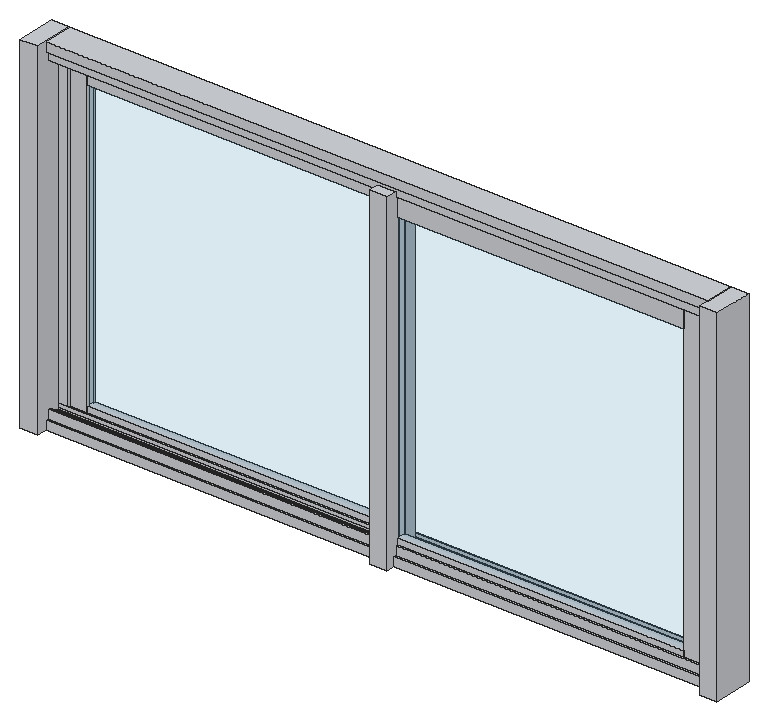
Revit family "Altitude® Sliding Window_SG&DG-XO_OX", category Windows, host Wall, Revit 2021
Family settings
  Host = Wall
  OmniClass Number = 23.30.20.00
  OmniClass Title = Windows
  Always vertical = Yes
  Cut with Voids When Loaded = No
  Shared = No
  Room Calculation Point = No
Parameters (values of type "OX/XO")
  YEAR = "2022"  # constant formula
  Width = 0.0000 mm  # constant formula
  URL = "https://www.alspec.com.au/hawkesbury-commercial-multi-fold-door"
  Thickness = 0.0000 mm  # constant formula
  Single Glazed Thickness (6-13.5mm) [instance] = 5.0000 mm
  Single Glazed [instance] = not(Double Glazed)  # no
  Sill Offset 2 [instance] = 15.9930 mm  # constant formula
  Sill Offset [instance] = 6.0000 mm  # constant formula
  Sash Material [instance] = none
  Rough Width = 0.0000 mm  # constant formula
  Rough Height = 0.0000 mm  # constant formula
  Overall Width [instance] = 1800.0000 mm
  Offset [instance] = 0.0000 mm
  Midrail height [instance] = 1220.0000 mm
  Midrail [instance] = no
  Meeting 1 = 45.0000 mm  # constant formula
  Overall Height [instance] = 900.0000 mm
  Model = "Altitude® Sliding Window_SG&DG-XO_OX"  # constant formula
  Manufacturer = "ALSPEC"
  Height = 0.0000 mm  # constant formula
  Head Offset 2 [instance] = 84.8025 mm  # constant formula
  Head Offset [instance] = 75.0000 mm  # constant formula
  Glazed Material [instance] = Glass
  Frame Material [instance] = none
  External Frame Thk = 44.5000 mm  # constant formula
  Double Glazed Thickness [instance] = 18.0000 mm
  Double Glazed [instance] = yes
  Define Thermal Properties by = Schematic Type
  Default Sill Height = 1200.0000 mm
  Wall Closure = By host
  CREATOR = "Viraj Mhatre"  # constant formula
  COMPANY = "ALSPEC"  # constant formula
  Analytic Construction = "<None>"
  Air Pocket (Double Glazing Only) [instance] = 8.0000 mm  # constant formula
  XO [instance] = no
  OX [instance] = no
Reference planes
  plane 1 "Center (Front/Back)": y = 0
  plane 2 "Center (Left/Right)": x = 0
  plane 3 "Left": x = -855.5
  plane 4 "Right": x = 855.5
  plane 5 "Sill": z = 1200
  plane 6 "Head": z = 2100
  plane 7 "Exterior": y = 100
  plane 8 "Interior": y = -100
  plane 9: y = 62
  plane 10: z = 35.5
  plane 11: y = 14
  plane 12 "FRAME CENTRE": y = 42
  plane 13: y = 82.6
  plane 14: x = -855.5
  plane 15: x = 855.5
  plane 16: x = 855.5
  plane 17: x = 20.5
  plane 18: x = -900
  plane 19: x = 900
  plane 20: z = 2064.5
  plane 21: z = 2054
  plane 22: z = 935.5
  plane 23: z = 516.113
  plane 24: x = -2
  plane 25: x = 43
  plane 26: z = 1220
  plane 27: x = -428.75
  plane 28: x = 449.25
  plane 29: y = 152
  plane 30: z = 1494.75
  plane 31: y = 49.2
  plane 32: y = -860
  plane 33: x = -865.5
  plane 34: x = 865.5
  plane 35: y = 100
Forms (mm)
  Extrusion 1, solid, material <- "Frame Material"
    sketch origin (0, 0, 0) x (1, 0, 0) y (0, 1, 0)
      loop
        line (855.5, -1.6) -> (900, -1.6) -> (900, 100) -> (855.5, 100) -> (855.5, -1.6)
      loop
        line (-855.5, 100) -> (-900, 100) -> (-900, -1.6) -> (-855.5, -1.6) -> (-855.5, 100)
    from 1200 to 2100
  Extrusion 2, solid, material <- "Frame Material"
    sketch origin (-855.5, 0, 0) x (0, -1, 0) y (0, 0, 1)
      loop
        line (-100, 2100) -> (-100, 2054) -> (-96.6, 2054) -> (-96.6, 2062) -> (-98.2, 2062) -> (-98.2, 2073) -> (-96.1, 2073) -> (-96.1, 2077) -> (-66.7, 2077) -> (-66.7, 2062) -> (-68.6, 2062) -> (-68.6, 2054) -> (-63.2, 2054) -> (-63.2, 2062) -> (-65.1, 2062) -> (-65.1, 2077) -> (-35.7, 2077) -> (-35.7, 2073) -> (-33.6, 2073) -> (-33.6, 2062) -> (-35.2, 2062) -> (-35.2, 2054) -> (-31.8, 2054) -> (-31.8, 2077) -> (-24, 2077) -> (-24, 2100) -> (-100, 2100)
      loop
        line (-48.2, 1233.26) -> (-46.7, 1233.26) -> (-46.7, 1238.3) -> (-51.7, 1238.3) -> (-51.7, 1233.26) -> (-50.2, 1233.26) -> (-50.2, 1232.3) -> (-61.2, 1232.3) -> (-61.2, 1230.8) -> (-50.2, 1230.8) -> (-50.2, 1223) -> (-65.1, 1223) -> (-65.1, 1238) -> (-63.2, 1238) -> (-63.2, 1246) -> (-68.6, 1246) -> (-68.6, 1238) -> (-66.7, 1238) -> (-66.7, 1223) -> (-96.1, 1223) -> (-96.1, 1227) -> (-98.2, 1227) -> (-98.2, 1238) -> (-96.6, 1238) -> (-96.6, 1246) -> (-100, 1246) -> (-100, 1200) -> (-24, 1200) -> (-24, 1223) -> (-31.8, 1223) -> (-31.8, 1246) -> (-35.2, 1246) -> (-35.2, 1238) -> (-33.6, 1238) -> (-33.6, 1227) -> (-35.7, 1227) -> (-35.7, 1224.5) -> (-48.2, 1224.5) -> (-48.2, 1233.26)
    from -1711 to 0
Lines and regions (mm)
  Opening 1
    outline origin (3600, -100, 75) x (1, 0, 0) y (0, 0, 1)
      loop
        line (-2700, 1125) -> (-2700, 2025) -> (-4500, 2025) -> (-4500, 1125) -> (-2700, 1125)
  Masking region 1
    outline origin (0, 0, 0) x (1, 0, 0) y (0, 1, 0)
      loop
        line (855.5, 100) -> (855.5, -1.6) -> (900, -1.6) -> (900, 100) -> (855.5, 100)
      loop
        line (-900, -1.6) -> (-855.5, -1.6) -> (-855.5, 100) -> (-900, 100) -> (-900, -1.6)
  Masking region 2
    outline origin (-855.5, 0, 0) x (0, -1, 0) y (0, 0, 1)
      loop
        line (-100, 2100) -> (-100, 2054) -> (-96.6, 2054) -> (-96.6, 2062) -> (-98.2, 2062) -> (-98.2, 2073) -> (-96.1, 2073) -> (-96.1, 2077) -> (-66.7, 2077) -> (-66.7, 2062) -> (-68.6, 2062) -> (-68.6, 2054) -> (-63.2, 2054) -> (-63.2, 2062) -> (-65.1, 2062) -> (-65.1, 2077) -> (-35.7, 2077) -> (-35.7, 2073) -> (-33.6, 2073) -> (-33.6, 2062) -> (-35.2, 2062) -> (-35.2, 2054) -> (-31.8, 2054) -> (-31.8, 2077) -> (-24, 2077) -> (-24, 2100) -> (-100, 2100)
      loop
        line (-24, 1200) -> (-24, 1223) -> (-31.8, 1223) -> (-31.8, 1246) -> (-35.2, 1246) -> (-35.2, 1238) -> (-33.6, 1238) -> (-33.6, 1227) -> (-35.7, 1227) -> (-35.7, 1224.5) -> (-48.2, 1224.5) -> (-48.2, 1233.26) -> (-46.7, 1233.26) -> (-46.7, 1238.3) -> (-51.7, 1238.3) -> (-51.7, 1233.26) -> (-50.2, 1233.26) -> (-50.2, 1232.3) -> (-61.2, 1232.3) -> (-61.2, 1230.8) -> (-50.2, 1230.8) -> (-50.2, 1223) -> (-65.1, 1223) -> (-65.1, 1238) -> (-63.2, 1238) -> (-63.2, 1246) -> (-68.6, 1246) -> (-68.6, 1238) -> (-66.7, 1238) -> (-66.7, 1223) -> (-96.1, 1223) -> (-96.1, 1227) -> (-98.2, 1227) -> (-98.2, 1238) -> (-96.6, 1238) -> (-96.6, 1246) -> (-100, 1246) -> (-100, 1200) -> (-24, 1200)
Text (mm)
  text "EXTERIOR" at (-1886.484, -724.686, 0), in view "Ref. Level"
  text "INTERIOR" at (-1963.203, 1176.318, 0), in view "Ref. Level"
  text "Exterior" at (0, 923.751, 2943.296), in view "Right"
  text "Exterior" at (0, 1040.484, 2685.409), in view "Left"
Dimensions and locks
  "Overall Height": plane 5 "Sill" to plane 6 "Head"
  plane 5 "Sill" to plane 10 = 1164.5000 mm
  locked: plane 7 "Exterior" to host wall
  locked: plane 8 "Interior" to host wall
  "Offset": plane 35 to plane 7 "Exterior"
  "External Frame Thk": plane 4 "Right" to plane 19
  "Overall Width": plane 18 to plane 19
  equal spacing: plane 24, plane 17, plane 25
  "Meeting 1": plane 24 to plane 25
  "Midrail height": plane 26 to level
  locked: plane 29 to plane 9 at 90
  equal spacing: plane 24, plane 27, plane 14
  equal spacing: plane 16, plane 28, plane 25
  plane 18 to plane 17 to plane 19 = 920.5000 mm, 879.5000 mm
  equal spacing: plane 14, plane 2 "Center (Left/Right)", plane 16
  "External Frame Thk": plane 18 to plane 14
  locked: plane 33 to plane 14 at 10
  locked: plane 16 to plane 34 at 10
  locked: plane 20 to plane 6 "Head" at 35.5
  locked: plane 20 to plane 21 at 10.5
  locked: plane 10 to level at 35.5
  locked: plane 22 to plane 10 at 900
  locked: plane 9 to plane 35 at 38
  plane 13 to plane 9 to plane 31 = 20.6000 mm locked, 12.7997 mm locked
  equal spacing: plane 21, plane 30, plane 22
  "Default Sill Height": plane 5 "Sill" to level
  aligned and locked: Opening 1 sketch curve to plane 6 "Head"
  aligned and locked: plane 14 to plane 3 "Left"
  aligned and locked: plane 15 to plane 4 "Right"
  aligned and locked: plane 18 to Opening 1 sketch curve
  aligned and locked: plane 19 to Opening 1 sketch curve
  aligned and locked: Opening 1 sketch curve to plane 5 "Sill"
  aligned and locked: host wall to level
  aligned and locked: nested 1 to plane 29
  aligned and locked: plane 27 to nested 1
  aligned and locked: plane 28 to nested 2
  aligned and locked: plane 27 to nested 3
  aligned and locked: nested 4 to plane 28
  aligned and locked: nested 3 to plane 30
  aligned and locked: plane 30 to nested 4
  aligned and locked: plane 29 to nested 2
  aligned and locked: plane 16 to plane 4 "Right"
  aligned and locked: Extrusion 1 to plane 6 "Head"
  aligned and locked: nested 6 to plane 13
  aligned and locked: plane 6 "Head" to nested 5
  aligned and locked: nested 5 to plane 13
  aligned and locked: Masking region 2 sketch curve to nested 5  (x23)
  aligned and locked: nested 5 to Masking region 2 sketch curve
  aligned and locked: Masking region 2 sketch curve to nested 6  (x38)
  aligned and locked: Extrusion 2 sketch curve to nested 5  (x23)
  aligned and locked: nested 5 to Extrusion 2 sketch curve
  aligned and locked: Extrusion 2 sketch curve to nested 6  (x37)
  aligned and locked: plane 3 "Left" to Extrusion 2
  aligned and locked: Extrusion 2 to plane 4 "Right"
  aligned and locked: plane 14 to nested 7
  aligned and locked: plane 25 to nested 7
  aligned and locked: nested 8 to plane 24
  aligned and locked: nested 8 to plane 16
  aligned and locked: plane 20 to nested 8
  aligned and locked: plane 20 to nested 7
  aligned and locked: nested 7 to plane 13
  aligned and locked: plane 31 to nested 8
  aligned and locked: nested 9 to plane 24
  aligned and locked: nested 9 to plane 16
  aligned and locked: plane 25 to nested 10
  aligned and locked: plane 14 to nested 10
  aligned and locked: plane 20 to nested 9
  aligned and locked: plane 20 to nested 10
  aligned and locked: nested 10 to plane 13
  aligned and locked: plane 31 to nested 9
  aligned and locked: nested 11 to plane 31
  aligned and locked: plane 14 to nested 11
  aligned and locked: plane 31 to nested 12
  aligned and locked: plane 16 to nested 12
  aligned and locked: Masking region 1 sketch curve to nested 12  (x4)
  aligned and locked: Masking region 1 sketch curve to nested 11  (x4)
  aligned and locked: Extrusion 1 sketch curve to Masking region 1  (x3)
  aligned and locked: Extrusion 1 sketch curve to nested 12
  aligned and locked: Extrusion 1 sketch curve to nested 11  (x4)
  aligned and locked: plane 5 "Sill" to Extrusion 1
  aligned and locked: nested 6 to plane 5 "Sill"
  aligned and locked: nested 9 to plane 5 "Sill"
  aligned and locked: nested 8 to plane 5 "Sill"
  aligned and locked: nested 7 to plane 5 "Sill"
  aligned and locked: nested 10 to plane 5 "Sill"
Automatic sketch dimensions
  Masking region 2 sketch curve to Masking region 2 sketch curve = 2.1000 mm  (x2)
  Extrusion 2 sketch curve to Extrusion 2 sketch curve = 2.1000 mm  (x2)
  Extrusion 2 sketch curve to Extrusion 2 sketch curve = 0.0000 mm
Nested families
  nested 1: "DETAIL_ARROW2" at (-428.75, 152, 0), visible <- "XO", type "DETAIL_ARROW2"
  nested 2: "DETAIL_ARROW2" at (449.25, 152, 0) x (-1, 0, 0) z (0, 0, 1), visible <- "OX", type "DETAIL_ARROW2"
  nested 3: "DETAIL_ARROW" at (-428.75, -100, 1494.75) x (1, 0, 0) z (0, -1, 0), visible <- "XO", type "DETAIL_ARROW"
  nested 4: "DETAIL_ARROW" at (449.25, -100, 1494.75) x (-1, 0, 0) z (0, -1, 0), visible <- "OX", type "DETAIL_ARROW"
  nested 5: "Ext Head_APT5" at (-855.5, 100, 2064.5) x (0, 1, 0) z (-1, 0, 0), type "Ext Head_APT5", detail levels fine
  nested 6: "Ext Sill_ APT1S AS554 APT29 APT5" at (-855.5, 24, 1200) x (0, 1, 0) z (-1, 0, 0), type "Ext Sill_ APT1S AS554 APT29 APT5", detail levels fine
  nested 7: "panel 1 APT42 APT9 APT10" at (-406.25, 82.6, 1200), visible <- "Single Glazed", Midrail Height <- "Midrail height", Single Glazing Thickness <- "Single Glazed Thickness (6-13.5mm)", Glazing Material <- "Glazed Material", Midrail <- "Midrail", Sash Material <- "Sash Material", type "SLIDING_GLAZED PANEL"
    with Single Glazing Thickness 5.0000 mm, Sash Width 898.5000 mm, Sash Material none, Sash Height 864.5000 mm, Midrail Height 1220.0000 mm, Midrail no, Glazing Material Glass, Actual SG Thickness (Manufacturer Controlled) 6.0000 mm
  nested 8: "panel 1 APT42 APT9 APT11" at (426.75, 49.2, 1200) x (-1, 0, 0) z (0, 0, 1), visible <- "Single Glazed", Glazing Material <- "Glazed Material", Midrail <- "Midrail", Sash Material <- "Sash Material", Single Glazing Thickness <- "Single Glazed Thickness (6-13.5mm)", Midrail Height <- "Midrail height", type "SLIDING_GLAZED PANEL"
    with Single Glazing Thickness 5.0000 mm, Sash Width 857.5000 mm, Sash Material none, Sash Height 864.5000 mm, Midrail Height 1220.0000 mm, Midrail no, Glazing Material Glass, Actual SG Thickness (Manufacturer Controlled) 6.0000 mm
  nested 9: "DG Panel 2_APT42 APT19 APT21" at (426.75, 49.2, 1200) x (-1, 0, 0) z (0, 0, 1), visible <- "Double Glazed", Midrail <- "Midrail", Double Glazing Thickness <- "Double Glazed Thickness", Sash Material <- "Sash Material", Glazing Material <- "Glazed Material", Double Glazed <- "Double Glazed", Midrail Height <- "Midrail height", type "DG Panel 2_APT42 APT19 APT21"
    with Thickness Control 18.0000 mm, Sash Width 857.5000 mm, Sash Material none, Midrail Height 1220.0000 mm, Midrail no, Height 864.5000 mm, Glazing Material Glass, Double Glazing Thickness 18.0000 mm, Double Glazed yes, Air Pocket 8.0000 mm
  nested 10: "DG Panel 1_APT42 APT19 APT20" at (-406.25, 82.6, 1200), visible <- "Double Glazed", Sash Material <- "Sash Material", Double Glazing Thickness <- "Double Glazed Thickness", Midrail <- "Midrail", Midrail Height <- "Midrail height", Double Glazed <- "Double Glazed", Glazing Material <- "Glazed Material", type "DG Panel 1_APT42 APT19 APT20"
    with Thickness Control 18.0000 mm, Sill Off 108.0000 mm, Sill 120.0000 mm, Sash Width 898.5000 mm, Sash Material none, Midrail Height 1220.0000 mm, Midrail no, Height 864.5000 mm, Head Off 68.0000 mm, Head 80.0000 mm, Glazing Material Glass, Double Glazing Thickness 18.0000 mm, Double Glazed yes, Air Pocket 8.0000 mm
  nested 11: "Ext Frame ME1 ME8" at (-855.5, 49.2, 0), type "Ext Frame ME1 ME8", detail levels fine
  nested 12: "Ext Frame ME1 ME8" at (855.5, 49.2, 0) x (-1, 0, 0) z (0, 0, 1), type "Ext Frame ME1 ME8", detail levels fine
Definition of nested family "panel 1 APT42 APT9 APT10"
  Parameters (values of type "SLIDING_GLAZED PANEL")
    YEAR = "2022"  # constant formula
    Width = 0.0000 mm  # constant formula
    Thickness = 0.0000 mm  # constant formula
    TODAYS DATE = "20/04/2022"  # constant formula
    Single Glazing Thickness [instance] = 6.0000 mm
    Sash Width [instance] = 1200.0000 mm
    Sash Material [instance] = none
    Sash Height [instance] = 1200.0000 mm
    Rough Width = 0.0000 mm  # constant formula
    Rough Height = 0.0000 mm  # constant formula
    Midrail Height [instance] = 810.0000 mm
    Midrail [instance] = yes
    JAMP WIDTH = 70.5049 mm  # constant formula
    Height = 0.0000 mm  # constant formula
    HEAD_JAMP HEIGHT = 80.0000 mm  # constant formula
    Glazing Material [instance] = none
    Define Thermal Properties by = 1
    Default Elevation = 1219.2000 mm
    CREATOR = "Viraj Mhatre"  # constant formula
    COMPANY = "ALSPEC"  # constant formula
    BOTTOM_JAMP HEIGHT = 120.0000 mm  # constant formula
    Analytic Construction = "<None>"
    Actual SG Thickness (Manufacturer Controlled) [instance] = if(Single Glazing Thickness > 13.5000 mm, 13.5000 mm, if(Single Glazing Thickness < 6.0000 mm, 6.0000 mm, Single Glazing Thickness))  # 6.0000 mm
  Reference planes
    plane 1 "Center (Front/Back)": y = 0
    plane 2: z = 0
    plane 3 "Center (Left/Right)": x = 0
    plane 4: x = -600
    plane 5: x = 600
    plane 6: x = -539.495
    plane 7: x = 565
    plane 8: z = 1200
    plane 9: z = 1142
    plane 10: z = 58
    plane 11: z = 810
    plane 12: x = -529.495
    plane 13: x = 555
    plane 14: z = 46.868
    plane 15: z = 1153.132
    plane 16: y = 22.5
    plane 17: y = 39.7
    plane 18: y = 3
    plane 19: y = -3
  Forms (mm)
    Extrusion 1, solid, material <- "Glazing Material"
      sketch origin (0, 0, 0) x (1, 0, 0) y (0, 1, 0)
        loop
          line (-539.495, 3) -> (-539.495, -3) -> (565, -3) -> (565, 3) -> (-539.495, 3)
      from 46.868 to 1153.132
    Extrusion 2, solid, material <- "Sash Material", visible <- "Midrail"
      sketch origin (0, 0, 0) x (0, 1, 0) y (0, 0, 1)
        loop
          line (22.4, 836.001) -> (2.449, 836.001) -> (2.449, 825.999) -> (-2.449, 825.999) -> (-2.449, 836.001) -> (-22.4, 836.001) -> (-22.4, 783.999) -> (-2.449, 783.999) -> (-2.449, 794.001) -> (2.449, 794.001) -> (2.449, 783.999) -> (22.4, 783.999) -> (22.4, 836.001)
      from -529.495 to 555
    Extrusion 3, solid, material <- "Sash Material"
      sketch origin (0, 0, 0) x (1, 0, 0) y (0, 1, 0)
        loop
          line (-600, -17.4) -> (-575, -17.4) -> (-575, -12.5) -> (-529.495, -12.5) -> (-529.495, -6.25) -> (-540.632, -6.25) -> (-540.632, 6.25) -> (-529.495, 6.25) -> (-529.495, 12.5) -> (-575, 12.5) -> (-575, 17.4) -> (-600, 17.4) -> (-600, -17.4)
        loop
          line (573.121, -19.527) -> (600, -19.527) -> (600, 12.5) -> (555, 12.5) -> (555, 5.314) -> (566.132, 5.314) -> (566.132, -5.314) -> (555, -5.314) -> (555, -12.5) -> (582.8, -12.5) -> (582.8, -15.019) -> (573.121, -15.019) -> (573.121, -19.527)
      from 0 to 1200
    Extrusion 4, solid, material <- "Sash Material"
      sketch origin (0, 0, 0) x (0, 1, 0) y (0, 0, 1)
        loop
          line (12.5, 1200) -> (-12.5, 1200) -> (-12.5, 1142) -> (12.5, 1142) -> (12.5, 1200)
        loop
          line (12.5, 0) -> (12.5, 58) -> (-12.5, 58) -> (-12.5, 0) -> (12.5, 0)
      from -529.495 to 555
  Lines and regions (mm)
    Masking region 1
      outline origin (0, 0, 0) x (1, 0, 0) y (0, 1, 0)
        loop
          line (573.121, -19.527) -> (600, -19.527) -> (600, 12.5) -> (555, 12.5) -> (555, 5.314) -> (566.132, 5.314) -> (566.132, -5.314) -> (555, -5.314) -> (555, -12.5) -> (582.8, -12.5) -> (582.8, -15.019) -> (573.121, -15.019) -> (573.121, -19.527)
        loop
          line (-600, -17.4) -> (-575, -17.4) -> (-575, -12.5) -> (-529.495, -12.5) -> (-529.495, -6.25) -> (-540.632, -6.25) -> (-540.632, 6.25) -> (-529.495, 6.25) -> (-529.495, 12.5) -> (-575, 12.5) -> (-575, 17.4) -> (-600, 17.4) -> (-600, -17.4)
    Masking region 2
      outline origin (0, 0, 0) x (0, 1, 0) y (0, 0, 1)
        loop
          line (-12.5, 0) -> (12.5, 0) -> (12.5, 58) -> (-12.5, 58) -> (-12.5, 0)
        loop
          line (12.5, 1200) -> (-12.5, 1200) -> (-12.5, 1142) -> (12.5, 1142) -> (12.5, 1200)
  Dimensions and locks
    equal spacing: plane 4, plane 3 "Center (Left/Right)", plane 5
    "Sash Width": plane 4 to plane 5
    "Sash Height": plane 8 to plane 2
    "JAMP WIDTH": plane 4 to plane 12
    locked: plane 13 to plane 7 at 10
    locked: plane 6 to plane 12 at 10
    locked: plane 16 to plane 1 "Center (Front/Back)" at 22.5
    locked: plane 17 to plane 16 at 17.2
    equal spacing: plane 18, plane 1 "Center (Front/Back)", plane 19
    "Actual SG Thickness (Manufacturer Controlled)": plane 18 to plane 19
    "Midrail Height": plane 11 to level
    nested 2 to plane 12 = 70.5049 mm
    locked: plane 13 to plane 5 at 45
    locked: plane 8 to plane 15 at 46.868
    locked: plane 15 to plane 9 at 11.132
    locked: plane 14 to level at 46.868
    locked: plane 10 to plane 14 at 11.132
    aligned and locked: level to plane 2
    aligned and locked: Extrusion 1 sketch curve to plane 18
    aligned and locked: Extrusion 1 sketch curve to plane 19
    aligned and locked: Extrusion 1 to plane 6
    aligned and locked: plane 7 to Extrusion 1
    aligned and locked: plane 15 to Extrusion 1
    aligned and locked: Extrusion 1 to plane 14
    aligned and locked: plane 11 to nested 1
    aligned and locked: plane 1 "Center (Front/Back)" to nested 1
    aligned and locked: Extrusion 2 sketch curve to nested 1  (x6)
    aligned and locked: nested 1 to Extrusion 2 sketch curve  (x4)
    aligned and locked: Extrusion 2 to plane 12
    aligned and locked: plane 13 to Extrusion 2
    aligned and locked: plane 1 "Center (Front/Back)" to nested 2
    aligned and locked: plane 12 to nested 2
    aligned and locked: plane 13 to nested 3
    aligned and locked: plane 1 "Center (Front/Back)" to nested 3
    aligned and locked: Masking region 1 sketch curve to nested 3  (x12)
    aligned and locked: Extrusion 3 sketch curve to nested 3  (x12)
    aligned and locked: plane 8 to nested 4
    aligned and locked: plane 1 "Center (Front/Back)" to nested 4
    aligned and locked: nested 5 to level
    aligned and locked: nested 5 to plane 1 "Center (Front/Back)"
    aligned and locked: Masking region 2 sketch curve to nested 5  (x4)
    aligned and locked: Masking region 2 sketch curve to nested 4  (x4)
    aligned and locked: Extrusion 4 sketch curve to nested 4  (x4)
    aligned and locked: Extrusion 4 sketch curve to nested 5  (x4)
    aligned and locked: plane 8 to Extrusion 3
    aligned and locked: Extrusion 3 to level
    aligned and locked: plane 13 to Extrusion 4
    aligned and locked: Extrusion 4 to plane 12
  Automatic sketch dimensions
    Extrusion 1 sketch curve to plane 12 = 10.0000 mm
    Extrusion 1 sketch curve to Extrusion 1 sketch curve = 1104.4951 mm
    Extrusion 2 sketch curve to Extrusion 2 sketch curve = 10.0017 mm
    Extrusion 2 sketch curve to Extrusion 2 sketch curve = 0.0000 mm
    Masking region 1 sketch curve to plane 13 = 0.0000 mm  (x2)
    Masking region 1 sketch curve to plane 5 = 0.0000 mm
    plane 7 to Masking region 1 sketch curve = 8.1206 mm
    Masking region 1 sketch curve to plane 19 = 16.5269 mm
    plane 7 to Masking region 1 sketch curve = 1.1323 mm
    Masking region 1 sketch curve to Masking region 1 sketch curve = 9.6794 mm
    Masking region 1 sketch curve to Masking region 1 sketch curve = 4.5079 mm
    Masking region 1 sketch curve to Masking region 1 sketch curve = 2.5193 mm
    Masking region 1 sketch curve to plane 19 = 2.3138 mm
    plane 18 to Masking region 1 sketch curve = 2.3138 mm
    Masking region 1 sketch curve to Masking region 1 sketch curve = 7.1859 mm
    Extrusion 3 sketch curve to plane 13 = 0.0000 mm  (x2)
    Extrusion 3 sketch curve to plane 5 = 0.0000 mm
    plane 7 to Extrusion 3 sketch curve = 1.1323 mm
    plane 7 to Extrusion 3 sketch curve = 8.1206 mm
    Extrusion 3 sketch curve to Extrusion 3 sketch curve = 9.6794 mm
    Extrusion 3 sketch curve to plane 19 = 16.5269 mm
    Extrusion 3 sketch curve to Extrusion 3 sketch curve = 4.5079 mm
    Extrusion 3 sketch curve to Extrusion 3 sketch curve = 2.5193 mm
    Extrusion 3 sketch curve to plane 19 = 2.3138 mm
    plane 18 to Extrusion 3 sketch curve = 2.3138 mm
    Extrusion 3 sketch curve to Extrusion 3 sketch curve = 7.1859 mm
    Masking region 1 sketch curve to plane 12 = 0.0000 mm  (x2)
    Masking region 1 sketch curve to plane 6 = 1.1372 mm
    plane 4 to Masking region 1 sketch curve = 25.0000 mm  (x2)
    Masking region 1 sketch curve to plane 16 = 5.1003 mm
    Masking region 1 sketch curve to plane 4 = 0.0000 mm
    Masking region 1 sketch curve to plane 19 = 14.4003 mm
    Masking region 1 sketch curve to Masking region 1 sketch curve = 4.9005 mm
    Masking region 1 sketch curve to plane 19 = 3.2497 mm
    plane 18 to Masking region 1 sketch curve = 3.2497 mm
    Masking region 1 sketch curve to Masking region 1 sketch curve = 6.2500 mm
    Extrusion 3 sketch curve to plane 12 = 0.0000 mm  (x2)
    Extrusion 3 sketch curve to plane 6 = 1.1372 mm
    plane 18 to Extrusion 3 sketch curve = 9.4997 mm
    plane 4 to Extrusion 3 sketch curve = 25.0000 mm  (x2)
    Extrusion 3 sketch curve to plane 4 = 0.0000 mm
    Extrusion 3 sketch curve to plane 19 = 14.4003 mm
    Extrusion 3 sketch curve to plane 19 = 9.4997 mm
    Extrusion 3 sketch curve to plane 19 = 3.2497 mm
    plane 18 to Extrusion 3 sketch curve = 3.2497 mm
    Extrusion 3 sketch curve to Extrusion 3 sketch curve = 4.9000 mm
  Nested families
    nested 1: "Single Glazed Midrail Narrow_SE16 SE12" at (0, 0, 810) x (0, -1, 0) z (1, 0, 0), type "Single Glazed Midrail Narrow_SE16 SE12", detail levels fine
    nested 2: "Jamb APT42 APT9" at (-600, 0, 0), type "Jamb APT42 APT9", detail levels fine
    nested 3: "jamb APT10" at (555, 0, 0), type "jamb APT10", detail levels fine
    nested 4: "Head & Sill APT15" at (0, 0, 1200) x (0, -1, 0) z (1, 0, 0), type "Head & Sill APT15", detail levels fine
    nested 5: "Head & Sill APT15" at (0, 0, 0) x (0, 1, 0) z (1, 0, 0), type "Head & Sill APT15", detail levels fine
  Definition of nested family "Single Glazed Midrail Narrow_SE16 SE12"
    Reference planes
      plane 1 "Center (Front/Back)": y = 0
      plane 2: z = 0
      plane 3 "Center (Left/Right)": x = 0
      plane 4: y = 26.001
      plane 5: x = 22.4
      plane 6: y = -26.001
      plane 7: x = -22.4
      plane 8: y = 15.999
      plane 9: y = -15.999
    Dimensions and locks
      aligned and locked: import instance to plane 3 "Center (Left/Right)"
      aligned and locked: plane 1 "Center (Front/Back)" to import instance
      aligned and locked: plane 9 to import instance
      aligned and locked: plane 8 to import instance
      aligned and locked: plane 4 to import instance
      aligned and locked: plane 6 to import instance
      aligned and locked: plane 5 to import instance
      aligned and locked: plane 7 to import instance
  Definition of nested family "Jamb APT42 APT9"
    Reference planes
      plane 1 "Center (Front/Back)": y = 0
      plane 2: z = 0
      plane 3 "Center (Left/Right)": x = 0
      plane 4: x = 70.505
      plane 5: x = 59.368
      plane 6: y = 12.5
      plane 7: y = -12.5
    Dimensions and locks
      aligned and locked: import instance to plane 3 "Center (Left/Right)"
      aligned and locked: plane 1 "Center (Front/Back)" to import instance
      aligned and locked: plane 5 to import instance
      aligned and locked: plane 4 to import instance
      aligned and locked: plane 7 to import instance
      aligned and locked: plane 6 to import instance
  Definition of nested family "jamb APT10"
    Reference planes
      plane 1 "Center (Front/Back)": y = 0
      plane 2: z = 0
      plane 3 "Center (Left/Right)": x = 0
      plane 4: x = 11.132
      plane 5: x = 45
    Dimensions and locks
      aligned and locked: plane 1 "Center (Front/Back)" to import instance
      aligned and locked: import instance to plane 3 "Center (Left/Right)"
      aligned and locked: plane 4 to import instance
      aligned and locked: plane 5 to import instance
  Definition of nested family "Head & Sill APT15"
    Reference planes
      plane 1 "Center (Front/Back)": y = 0
      plane 2: z = 0
      plane 3 "Center (Left/Right)": x = 0
      plane 4: y = 58
      plane 5: x = 12.5
      plane 6: x = -12.5
    Dimensions and locks
      aligned and locked: plane 1 "Center (Front/Back)" to import instance
      aligned and locked: plane 3 "Center (Left/Right)" to import instance
      aligned and locked: plane 4 to import instance
      aligned and locked: plane 5 to import instance
      aligned and locked: plane 6 to import instance
Definition of nested family "panel 1 APT42 APT9 APT11"
  Parameters (values of type "SLIDING_GLAZED PANEL")
    YEAR = "2022"  # constant formula
    Width = 0.0000 mm  # constant formula
    Thickness = 0.0000 mm  # constant formula
    TODAYS DATE = "20/04/2022"  # constant formula
    Single Glazing Thickness [instance] = 6.0000 mm
    Sash Width [instance] = 1200.0000 mm
    Sash Material [instance] = none
    Sash Height [instance] = 1200.0000 mm
    Rough Width = 0.0000 mm  # constant formula
    Rough Height = 0.0000 mm  # constant formula
    Midrail Height [instance] = 810.0000 mm
    Midrail [instance] = yes
    JAMP WIDTH = 70.5049 mm  # constant formula
    Height = 0.0000 mm  # constant formula
    HEAD_JAMP HEIGHT = 80.0000 mm  # constant formula
    Glazing Material [instance] = none
    Define Thermal Properties by = 1
    Default Elevation = 1219.2000 mm
    CREATOR = "Viraj Mhatre"  # constant formula
    COMPANY = "ALSPEC"  # constant formula
    BOTTOM_JAMP HEIGHT = 120.0000 mm  # constant formula
    Analytic Construction = "<None>"
    Actual SG Thickness (Manufacturer Controlled) [instance] = if(Single Glazing Thickness > 13.5000 mm, 13.5000 mm, if(Single Glazing Thickness < 6.0000 mm, 6.0000 mm, Single Glazing Thickness))  # 6.0000 mm
  Reference planes
    plane 1 "Center (Front/Back)": y = 0
    plane 2: z = 0
    plane 3 "Center (Left/Right)": x = 0
    plane 4: x = -600
    plane 5: x = 600
    plane 6: x = -539.495
    plane 7: x = 565
    plane 8: z = 1200
    plane 9: z = 1142
    plane 10: z = 58
    plane 11: z = 810
    plane 12: x = -529.495
    plane 13: x = 555
    plane 14: z = 46.868
    plane 15: z = 1153.132
    plane 16: y = 22.5
    plane 17: y = 39.7
    plane 18: y = 3
    plane 19: y = -3
  Forms (mm)
    Extrusion 1, solid, material <- "Glazing Material"
      sketch origin (0, 0, 0) x (1, 0, 0) y (0, 1, 0)
        loop
          line (-539.495, 3) -> (-539.495, -3) -> (565, -3) -> (565, 3) -> (-539.495, 3)
      from 46.868 to 1153.132
    Extrusion 2, solid, material <- "Sash Material", visible <- "Midrail"
      sketch origin (0, 0, 0) x (0, 1, 0) y (0, 0, 1)
        loop
          line (22.4, 836.001) -> (2.449, 836.001) -> (2.449, 825.999) -> (-2.449, 825.999) -> (-2.449, 836.001) -> (-22.4, 836.001) -> (-22.4, 783.999) -> (-2.449, 783.999) -> (-2.449, 794.001) -> (2.449, 794.001) -> (2.449, 783.999) -> (22.4, 783.999) -> (22.4, 836.001)
      from -529.495 to 555
    Extrusion 3, solid, material <- "Sash Material"
      sketch origin (0, 0, 0) x (1, 0, 0) y (0, 1, 0)
        loop
          line (-600, -17.4) -> (-575, -17.4) -> (-575, -12.5) -> (-529.495, -12.5) -> (-529.495, -6.25) -> (-540.632, -6.25) -> (-540.632, 6.25) -> (-529.495, 6.25) -> (-529.495, 12.5) -> (-575, 12.5) -> (-575, 17.4) -> (-600, 17.4) -> (-600, -17.4)
        loop
          line (573.1, -19.506) -> (600.005, -19.506) -> (600.005, 45.514) -> (555, 45.514) -> (555, 5.16) -> (566.137, 5.16) -> (566.137, -5.16) -> (555, -5.16) -> (555, -12.486) -> (582.8, -12.486) -> (582.8, -15.019) -> (573.1, -15.019) -> (573.1, -19.506)
      from 0 to 1200
    Extrusion 4, solid, material <- "Sash Material"
      sketch origin (0, 0, 0) x (0, 1, 0) y (0, 0, 1)
        loop
          line (12.5, 1200) -> (-12.5, 1200) -> (-12.5, 1142) -> (12.5, 1142) -> (12.5, 1200)
        loop
          line (12.5, 0) -> (12.5, 58) -> (-12.5, 58) -> (-12.5, 0) -> (12.5, 0)
      from -529.495 to 555
  Lines and regions (mm)
    Masking region 1
      outline origin (0, 0, 0) x (0, 1, 0) y (0, 0, 1)
        loop
          line (-12.5, 0) -> (12.5, 0) -> (12.5, 58) -> (-12.5, 58) -> (-12.5, 0)
        loop
          line (12.5, 1200) -> (-12.5, 1200) -> (-12.5, 1142) -> (12.5, 1142) -> (12.5, 1200)
    Masking region 2
      outline origin (0, 0, 0) x (1, 0, 0) y (0, 1, 0)
        loop
          line (-600, -17.4) -> (-575, -17.4) -> (-575, -12.5) -> (-529.495, -12.5) -> (-529.495, -6.25) -> (-540.632, -6.25) -> (-540.632, 6.25) -> (-529.495, 6.25) -> (-529.495, 12.5) -> (-575, 12.5) -> (-575, 17.4) -> (-600, 17.4) -> (-600, -17.4)
        loop
          line (573.1, -19.506) -> (600.005, -19.506) -> (600.005, 45.514) -> (555, 45.514) -> (555, 5.16) -> (566.137, 5.16) -> (566.137, -5.16) -> (555, -5.16) -> (555, -12.486) -> (582.8, -12.486) -> (582.8, -15.019) -> (573.1, -15.019) -> (573.1, -19.506)
  Dimensions and locks
    equal spacing: plane 4, plane 3 "Center (Left/Right)", plane 5
    "Sash Width": plane 4 to plane 5
    "Sash Height": plane 8 to plane 2
    "JAMP WIDTH": plane 4 to plane 12
    locked: plane 13 to plane 7 at 10
    locked: plane 6 to plane 12 at 10
    locked: plane 16 to plane 1 "Center (Front/Back)" at 22.5
    locked: plane 17 to plane 16 at 17.2
    equal spacing: plane 18, plane 1 "Center (Front/Back)", plane 19
    "Actual SG Thickness (Manufacturer Controlled)": plane 18 to plane 19
    "Midrail Height": plane 11 to level
    nested 2 to plane 12 = 70.5049 mm
    locked: plane 13 to plane 5 at 45
    locked: plane 8 to plane 15 at 46.868
    locked: plane 15 to plane 9 at 11.132
    locked: plane 14 to level at 46.868
    locked: plane 10 to plane 14 at 11.132
    aligned and locked: level to plane 2
    aligned and locked: Extrusion 1 sketch curve to plane 18
    aligned and locked: Extrusion 1 sketch curve to plane 19
    aligned and locked: Extrusion 1 to plane 6
    aligned and locked: plane 7 to Extrusion 1
    aligned and locked: plane 15 to Extrusion 1
    aligned and locked: Extrusion 1 to plane 14
    aligned and locked: plane 11 to nested 1
    aligned and locked: plane 1 "Center (Front/Back)" to nested 1
    aligned and locked: Extrusion 2 sketch curve to nested 1  (x6)
    aligned and locked: nested 1 to Extrusion 2 sketch curve  (x4)
    aligned and locked: Extrusion 2 to plane 12
    aligned and locked: plane 13 to Extrusion 2
    aligned and locked: plane 1 "Center (Front/Back)" to nested 2
    aligned and locked: plane 12 to nested 2
    aligned and locked: plane 8 to nested 3
    aligned and locked: plane 1 "Center (Front/Back)" to nested 3
    aligned and locked: nested 4 to level
    aligned and locked: nested 4 to plane 1 "Center (Front/Back)"
    aligned and locked: Masking region 1 sketch curve to nested 4  (x4)
    aligned and locked: Masking region 1 sketch curve to nested 3  (x4)
    aligned and locked: Extrusion 4 sketch curve to nested 3  (x4)
    aligned and locked: Extrusion 4 sketch curve to nested 4  (x4)
    aligned and locked: plane 8 to Extrusion 3
    aligned and locked: Extrusion 3 to level
    aligned and locked: plane 13 to Extrusion 4
    aligned and locked: Extrusion 4 to plane 12
    aligned and locked: nested 5 to plane 1 "Center (Front/Back)"
    aligned and locked: nested 5 to plane 13
    aligned and locked: Extrusion 3 sketch curve to nested 5  (x12)
    aligned and locked: Masking region 2 sketch curve to nested 2  (x12)
    aligned and locked: Masking region 2 sketch curve to nested 5  (x12)
  Automatic sketch dimensions
    Extrusion 1 sketch curve to plane 12 = 10.0000 mm
    Extrusion 1 sketch curve to Extrusion 1 sketch curve = 1104.4951 mm
    Extrusion 2 sketch curve to Extrusion 2 sketch curve = 10.0017 mm
    Extrusion 2 sketch curve to Extrusion 2 sketch curve = 0.0000 mm
    Extrusion 3 sketch curve to plane 12 = 0.0000 mm  (x2)
    Extrusion 3 sketch curve to plane 6 = 1.1372 mm
    plane 18 to Extrusion 3 sketch curve = 9.4997 mm
    plane 4 to Extrusion 3 sketch curve = 25.0000 mm  (x2)
    Extrusion 3 sketch curve to plane 4 = 0.0000 mm
    Extrusion 3 sketch curve to plane 19 = 14.4003 mm
    Extrusion 3 sketch curve to plane 19 = 9.4997 mm
    Extrusion 3 sketch curve to plane 19 = 3.2497 mm
    plane 18 to Extrusion 3 sketch curve = 3.2497 mm
    Extrusion 3 sketch curve to Extrusion 3 sketch curve = 4.9000 mm
    Extrusion 3 sketch curve to plane 13 = 0.0000 mm  (x2)
    plane 7 to Extrusion 3 sketch curve = 1.1372 mm
    plane 7 to Extrusion 3 sketch curve = 8.1000 mm
    Extrusion 3 sketch curve to Extrusion 3 sketch curve = 9.7000 mm
    plane 5 to Extrusion 3 sketch curve = 0.0049 mm
    Extrusion 3 sketch curve to plane 19 = 16.5061 mm
    Extrusion 3 sketch curve to Extrusion 3 sketch curve = 4.4870 mm
    Extrusion 3 sketch curve to plane 19 = 9.4858 mm
    Extrusion 3 sketch curve to plane 19 = 2.1595 mm
    plane 18 to Extrusion 3 sketch curve = 2.1595 mm
    plane 17 to Extrusion 3 sketch curve = 5.8137 mm
    Masking region 2 sketch curve to plane 12 = 0.0000 mm  (x2)
    Masking region 2 sketch curve to plane 4 = 0.0000 mm
    Masking region 2 sketch curve to plane 19 = 14.4003 mm
    Masking region 2 sketch curve to plane 6 = 1.1372 mm
    Masking region 2 sketch curve to plane 19 = 9.4997 mm
    plane 4 to Masking region 2 sketch curve = 25.0000 mm
    plane 18 to Masking region 2 sketch curve = 9.4997 mm
    Masking region 2 sketch curve to Masking region 2 sketch curve = 0.0000 mm
    Masking region 2 sketch curve to plane 19 = 3.2497 mm
    plane 18 to Masking region 2 sketch curve = 3.2497 mm
    Masking region 2 sketch curve to plane 16 = 5.1003 mm
    Masking region 2 sketch curve to plane 13 = 0.0000 mm  (x2)
    plane 7 to Masking region 2 sketch curve = 1.1372 mm
    plane 7 to Masking region 2 sketch curve = 8.1000 mm
    Masking region 2 sketch curve to Masking region 2 sketch curve = 9.7000 mm
    plane 5 to Masking region 2 sketch curve = 0.0049 mm
    Masking region 2 sketch curve to plane 19 = 16.5061 mm
    Masking region 2 sketch curve to Masking region 2 sketch curve = 4.4870 mm
    Masking region 2 sketch curve to plane 19 = 9.4858 mm
    Masking region 2 sketch curve to plane 19 = 2.1595 mm
    plane 18 to Masking region 2 sketch curve = 2.1595 mm
    plane 17 to Masking region 2 sketch curve = 5.8137 mm
  Nested families
    nested 1: "Single Glazed Midrail Narrow_SE16 SE12" at (0, 0, 810) x (0, -1, 0) z (1, 0, 0), type "Single Glazed Midrail Narrow_SE16 SE12", detail levels fine
    nested 2: "Jamb APT42 APT9" at (-600, 0, 0), type "Jamb APT42 APT9", detail levels fine
    nested 3: "Head & Sill APT15" at (0, 0, 1200) x (0, -1, 0) z (1, 0, 0), type "Head & Sill APT15", detail levels fine
    nested 4: "Head & Sill APT15" at (0, 0, 0) x (0, 1, 0) z (1, 0, 0), type "Head & Sill APT15", detail levels fine
    nested 5: "Jamb APT11" at (555, 0, 0) x (-1, 0, 0) z (0, 0, 1), type "Jamb APT11", detail levels fine
  Definition of nested family "Single Glazed Midrail Narrow_SE16 SE12"
    Reference planes
      plane 1 "Center (Front/Back)": y = 0
      plane 2: z = 0
      plane 3 "Center (Left/Right)": x = 0
      plane 4: y = 26.001
      plane 5: x = 22.4
      plane 6: y = -26.001
      plane 7: x = -22.4
      plane 8: y = 15.999
      plane 9: y = -15.999
    Dimensions and locks
      aligned and locked: import instance to plane 3 "Center (Left/Right)"
      aligned and locked: plane 1 "Center (Front/Back)" to import instance
      aligned and locked: plane 9 to import instance
      aligned and locked: plane 8 to import instance
      aligned and locked: plane 4 to import instance
      aligned and locked: plane 6 to import instance
      aligned and locked: plane 5 to import instance
      aligned and locked: plane 7 to import instance
  Definition of nested family "Jamb APT42 APT9"
    Reference planes
      plane 1 "Center (Front/Back)": y = 0
      plane 2: z = 0
      plane 3 "Center (Left/Right)": x = 0
      plane 4: x = 70.505
      plane 5: x = 59.368
      plane 6: y = 12.5
      plane 7: y = -12.5
    Dimensions and locks
      aligned and locked: import instance to plane 3 "Center (Left/Right)"
      aligned and locked: plane 1 "Center (Front/Back)" to import instance
      aligned and locked: plane 5 to import instance
      aligned and locked: plane 4 to import instance
      aligned and locked: plane 7 to import instance
      aligned and locked: plane 6 to import instance
  Definition of nested family "Head & Sill APT15"
    Reference planes
      plane 1 "Center (Front/Back)": y = 0
      plane 2: z = 0
      plane 3 "Center (Left/Right)": x = 0
      plane 4: y = 58
      plane 5: x = 12.5
      plane 6: x = -12.5
    Dimensions and locks
      aligned and locked: plane 1 "Center (Front/Back)" to import instance
      aligned and locked: plane 3 "Center (Left/Right)" to import instance
      aligned and locked: plane 4 to import instance
      aligned and locked: plane 5 to import instance
      aligned and locked: plane 6 to import instance
  Definition of nested family "Jamb APT11"
    Reference planes
      plane 1 "Center (Front/Back)": y = 0
      plane 2: z = 0
      plane 3 "Center (Left/Right)": x = 0
      plane 4: x = -11.137
    Dimensions and locks
      aligned and locked: plane 3 "Center (Left/Right)" to import instance
      aligned and locked: import instance to plane 1 "Center (Front/Back)"
      aligned and locked: plane 4 to import instance
Definition of nested family "DG Panel 2_APT42 APT19 APT21"
  Parameters (values of type "DG Panel 2_APT42 APT19 APT21")
    YEAR = "2022"  # constant formula
    Width = 0.0000 mm  # constant formula
    Thickness Control [instance] = if(Double Glazing Thickness > 28.0000 mm, 28.0000 mm, if(Double Glazing Thickness < 18.0000 mm, 18.0000 mm, Double Glazing Thickness))  # 18.0000 mm
    Thickness = 0.0000 mm  # constant formula
    TODAYS DATE = "12/05/2022"  # constant formula
    Sill Off = 108.0000 mm  # constant formula
    Sill = 120.0000 mm  # constant formula
    Sash Width [instance] = 900.0000 mm
    Sash Material [instance] = none
    Rough Width = 0.0000 mm  # constant formula
    Rough Height = 0.0000 mm  # constant formula
    Off DG Head and Sill = 12.0000 mm  # constant formula
    Midrail Height [instance] = 500.0000 mm
    Midrail [instance] = yes
    Height [instance] = 1200.0000 mm
    Head Off = 68.0000 mm  # constant formula
    Head & Sill DG Depth = 93.0000 mm  # constant formula
    Head = 80.0000 mm  # constant formula
    Glazing Material [instance] = none
    Double Glazing Thickness [instance] = 18.0000 mm
    Double Glazed [instance] = no
    Define Thermal Properties by = 1
    Default Elevation = 1219.2000 mm
    DG Off = 11.0000 mm  # constant formula
    DG Jamb Width = 75.0000 mm  # constant formula
    CREATOR = "Viraj Mhatre"  # constant formula
    COMPANY = "ALSPEC"  # constant formula
    Analytic Construction = "<None>"
    Air Pocket [instance] = 8.0000 mm  # constant formula
  Reference planes
    plane 1 "Center (Front/Back)": y = 0
    plane 2: z = 0
    plane 3 "Center (Left/Right)": x = 0
    plane 4: x = -450
    plane 5: x = 405
    plane 6: x = -391.495
    plane 7: x = 417
    plane 8: z = 1200
    plane 9: z = 1140
    plane 10: z = 60
    plane 11: z = 900
    plane 12: x = -379.495
    plane 13: x = 450
    plane 14: z = 47
    plane 15: z = 1153
    plane 16: y = 9
    plane 17: y = 4
    plane 18: y = -4
    plane 19: y = -9
    plane 20: z = 500
  Forms (mm)
    Extrusion 1, solid, material <- "Glazing Material"
      sketch origin (0, 0, 0) x (1, 0, 0) y (0, 1, 0)
        loop
          line (-391.495, 9) -> (-391.495, 4) -> (417, 4) -> (417, 9) -> (-391.495, 9)
        loop
          line (-391.495, -4) -> (-391.495, -9) -> (417, -9) -> (417, -4) -> (-391.495, -4)
      from 47 to 1153
    Extrusion 2, solid, material <- "Sash Material", visible <- "Midrail"
      sketch origin (0, 0, 0) x (0, 1, 0) y (0, 0, 1)
        loop
          line (9.5, 525.933) -> (9.5, 518.932) -> (-9.182, 518.932) -> (-9.182, 525.933) -> (-22.4, 525.933) -> (-22.4, 473.932) -> (-9.5, 473.932) -> (-9.5, 480.932) -> (9.694, 480.932) -> (9.694, 474.067) -> (22.4, 474.067) -> (22.4, 525.933) -> (9.5, 525.933)
      from -379.495 to 405
    Extrusion 3, solid, material <- "Sash Material"
      sketch origin (0, 0, 0) x (0, 1, 0) y (0, 0, 1)
        loop
          line (12.5, 1200) -> (-12.5, 1200) -> (-12.5, 1140) -> (12.5, 1140) -> (12.5, 1200)
        loop
          line (12.5, 60) -> (-12.5, 60) -> (-12.5, 0) -> (12.5, 0) -> (12.5, 60)
      from -379.495 to 405
    Extrusion 4, solid, material <- "Sash Material"
      sketch origin (0, 0, 0) x (1, 0, 0) y (0, 1, 0)
        loop
          line (-450, -17.4) -> (-425, -17.4) -> (-425, -12.5) -> (-379.495, -12.5) -> (-379.495, -7.993) -> (-393.7, -7.993) -> (-393.7, 7.993) -> (-379.495, 7.993) -> (-379.495, 12.5) -> (-425, 12.5) -> (-425, 17.4) -> (-450, 17.4) -> (-450, -17.4)
        loop
          line (423.1, -19.506) -> (450.005, -19.506) -> (450.005, 45.514) -> (405, 45.514) -> (405, 10.914) -> (419.205, 10.914) -> (419.205, -10.886) -> (405, -10.886) -> (405, -12.486) -> (423.1, -12.486) -> (423.1, -19.506)
      from 0 to 1200
  Lines and regions (mm)
    Masking region 1
      outline origin (0, 0, 0) x (0, 1, 0) y (0, 0, 1)
        loop
          line (-22.4, 525.933) -> (-22.4, 473.932) -> (-9.5, 473.932) -> (-9.5, 480.932) -> (9.5, 480.932) -> (9.5, 473.932) -> (22.4, 473.932) -> (22.4, 525.933) -> (9.5, 525.933) -> (9.5, 518.932) -> (-9.5, 518.932) -> (-9.5, 525.933) -> (-22.4, 525.933)
    Masking region 2
      outline origin (0, 0, 0) x (1, 0, 0) y (0, 1, 0)
        loop
          line (-450, -17.4) -> (-425, -17.4) -> (-425, -12.5) -> (-379.495, -12.5) -> (-379.495, -7.993) -> (-393.7, -7.993) -> (-393.7, 7.993) -> (-379.495, 7.993) -> (-379.495, 12.5) -> (-425, 12.5) -> (-425, 17.4) -> (-450, 17.4) -> (-450, -17.4)
        loop
          line (423.1, -19.506) -> (450.005, -19.506) -> (450.005, 45.514) -> (405, 45.514) -> (405, 10.914) -> (419.205, 10.914) -> (419.205, -10.886) -> (405, -10.886) -> (405, -12.486) -> (423.1, -12.486) -> (423.1, -19.506)
    Masking region 3
      outline origin (0, 0, 0) x (0, 1, 0) y (0, 0, 1)
        loop
          line (-12.5, 0) -> (12.5, 0) -> (12.5, 60) -> (9.25, 60) -> (9.25, 47) -> (-9.25, 47) -> (-9.25, 60) -> (-12.5, 60) -> (-12.5, 0)
        loop
          line (12.5, 1200) -> (-12.5, 1200) -> (-12.5, 1140) -> (-9.25, 1140) -> (-9.25, 1153) -> (9.25, 1153) -> (9.25, 1140) -> (12.5, 1140) -> (12.5, 1200)
  Dimensions and locks
    equal spacing: plane 16, plane 1 "Center (Front/Back)", plane 19
    "Thickness Control": plane 16 to plane 19
    equal spacing: plane 17, plane 1 "Center (Front/Back)", plane 18
    "Air Pocket": plane 17 to plane 18
    "Midrail Height": plane 20 to level
    locked: plane 6 to plane 12 at 12
    locked: plane 5 to plane 7 at 12
    equal spacing: plane 4, plane 3 "Center (Left/Right)", plane 13
    "Sash Width": plane 4 to plane 13
    "Height": plane 8 to plane 2
    locked: plane 4 to plane 6 at 58.505
    locked: plane 7 to plane 13 at 33
    locked: plane 14 to level at 47
    locked: plane 10 to plane 14 at 13
    plane 8 to plane 15 to plane 9 = 47.0000 mm locked, 13.0000 mm locked
    aligned and locked: level to plane 2
    aligned and locked: Extrusion 1 sketch curve to plane 16
    aligned and locked: Extrusion 1 sketch curve to plane 17
    aligned and locked: Extrusion 1 sketch curve to plane 18
    aligned and locked: Extrusion 1 sketch curve to plane 19
    aligned and locked: Extrusion 1 sketch curve to Extrusion 1 sketch curve  (x2)
    aligned and locked: Extrusion 1 to plane 6
    aligned and locked: plane 7 to Extrusion 1
    aligned and locked: Extrusion 1 to plane 14
    aligned and locked: plane 15 to Extrusion 1
    aligned and locked: plane 20 to nested 1
    aligned and locked: plane 1 "Center (Front/Back)" to nested 1
    aligned and locked: Masking region 1 sketch curve to nested 1  (x6)
    aligned and locked: nested 1 to Masking region 1 sketch curve  (x2)
    aligned and locked: Extrusion 2 sketch curve to nested 1  (x12)
    aligned and locked: Extrusion 2 to plane 12
    aligned and locked: plane 5 to Extrusion 2
    aligned and locked: plane 12 to nested 2
    aligned and locked: plane 1 "Center (Front/Back)" to nested 2
    aligned and locked: plane 8 to nested 4
    aligned and locked: nested 4 to plane 1 "Center (Front/Back)"
    aligned and locked: nested 3 to level
    aligned and locked: plane 1 "Center (Front/Back)" to nested 3
    aligned and locked: Masking region 2 sketch curve to nested 2  (x12)
    aligned and locked: Masking region 3 sketch curve to nested 3  (x7)
    aligned and locked: Masking region 3 sketch curve to nested 4  (x7)
    aligned and locked: Extrusion 3 sketch curve to nested 4  (x4)
    aligned and locked: Extrusion 3 sketch curve to nested 3  (x4)
    aligned and locked: Extrusion 3 to plane 12
    aligned and locked: plane 5 to Extrusion 3
    aligned and locked: nested 5 to plane 5
    aligned and locked: nested 5 to plane 1 "Center (Front/Back)"
    aligned and locked: Masking region 2 sketch curve to nested 5  (x10)
    aligned and locked: Extrusion 4 sketch curve to nested 2  (x12)
    aligned and locked: Extrusion 4 sketch curve to nested 5  (x10)
    aligned and locked: Extrusion 4 to level
    aligned and locked: plane 8 to Extrusion 4
  Automatic sketch dimensions
    Extrusion 1 sketch curve to plane 12 = 12.0000 mm
    Extrusion 1 sketch curve to Extrusion 1 sketch curve = 808.4951 mm
    Masking region 1 sketch curve to plane 19 = 0.5000 mm  (x2)
    plane 17 to Masking region 1 sketch curve = 5.5000 mm
    plane 16 to Masking region 1 sketch curve = 0.5000 mm
    Masking region 2 sketch curve to plane 4 = 0.0000 mm
    Masking region 2 sketch curve to plane 12 = 0.0000 mm  (x2)
    Masking region 2 sketch curve to plane 19 = 8.4003 mm
    Masking region 2 sketch curve to plane 19 = 3.4997 mm
    plane 4 to Masking region 2 sketch curve = 25.0000 mm  (x2)
    plane 16 to Masking region 2 sketch curve = 8.3997 mm
    plane 19 to Masking region 2 sketch curve = 1.0068 mm
    Masking region 2 sketch curve to plane 6 = 2.2049 mm
    Masking region 2 sketch curve to plane 16 = 1.0068 mm
    plane 16 to Masking region 2 sketch curve = 3.4997 mm
    Masking region 3 sketch curve to plane 10 = 0.0000 mm
    Masking region 3 sketch curve to plane 9 = 0.0000 mm
    Masking region 2 sketch curve to plane 5 = 0.0000 mm  (x2)
    plane 7 to Masking region 2 sketch curve = 2.2049 mm
    Masking region 2 sketch curve to Masking region 2 sketch curve = 3.8951 mm
    plane 13 to Masking region 2 sketch curve = 0.0049 mm
    Masking region 2 sketch curve to plane 19 = 10.5061 mm
    Masking region 2 sketch curve to Masking region 2 sketch curve = 1.6000 mm
    Masking region 2 sketch curve to plane 19 = 1.8858 mm
    plane 16 to Masking region 2 sketch curve = 1.9137 mm
    plane 16 to Masking region 2 sketch curve = 36.5137 mm
    Extrusion 4 sketch curve to plane 4 = 0.0000 mm
    Extrusion 4 sketch curve to plane 12 = 0.0000 mm  (x2)
    Extrusion 4 sketch curve to plane 19 = 8.4003 mm
    Extrusion 4 sketch curve to plane 19 = 3.4997 mm
    plane 4 to Extrusion 4 sketch curve = 25.0000 mm  (x2)
    plane 16 to Extrusion 4 sketch curve = 8.3997 mm
    plane 19 to Extrusion 4 sketch curve = 1.0068 mm
    Extrusion 4 sketch curve to plane 6 = 2.2049 mm
    Extrusion 4 sketch curve to plane 16 = 1.0068 mm
    plane 16 to Extrusion 4 sketch curve = 3.4997 mm
    Extrusion 4 sketch curve to plane 5 = 0.0000 mm  (x2)
    plane 7 to Extrusion 4 sketch curve = 2.2049 mm
    Extrusion 4 sketch curve to Extrusion 4 sketch curve = 3.8951 mm
    plane 13 to Extrusion 4 sketch curve = 0.0049 mm
    Extrusion 4 sketch curve to plane 19 = 10.5061 mm
    Extrusion 4 sketch curve to Extrusion 4 sketch curve = 1.6000 mm
    Extrusion 4 sketch curve to plane 19 = 1.8858 mm
    plane 16 to Extrusion 4 sketch curve = 1.9137 mm
    plane 16 to Extrusion 4 sketch curve = 36.5137 mm
  Nested families
    nested 1: "DG Midrail_SE12 SE16" at (0, 0, 500) x (0, -1, 0) z (1, 0, 0), type "DG Midrail_SE12 SE16", detail levels fine
    nested 2: "Jamb APT42 APT19" at (-379.495, 0, 0), type "Jamb APT42 APT19", detail levels fine
    nested 3: "Head & Sill APT25" at (0, 0, 60) x (0, -1, 0) z (1, 0, 0), type "Head & Sill APT25", detail levels fine
    nested 4: "Head & Sill APT25" at (0, 0, 1140) x (0, 1, 0) z (1, 0, 0), type "Head & Sill APT25", detail levels fine
    nested 5: "Jamb APT21" at (405, 0, 0) x (-1, 0, 0) z (0, 0, 1), type "Jamb APT21", detail levels fine
  Definition of nested family "DG Midrail_SE12 SE16"
    Reference planes
      plane 1 "Center (Front/Back)": y = 0
      plane 2: z = 0
      plane 3 "Center (Left/Right)": x = 0
      plane 4: y = 26.068
      plane 5: y = -25.933
      plane 6: x = 22.4
      plane 7: x = -22.4
    Dimensions and locks
      aligned and locked: plane 3 "Center (Left/Right)" to import instance
      aligned and locked: plane 1 "Center (Front/Back)" to import instance
      aligned and locked: plane 7 to import instance
      aligned and locked: plane 6 to import instance
      aligned and locked: plane 5 to import instance
      aligned and locked: plane 4 to import instance
  Definition of nested family "Jamb APT42 APT19"
    Reference planes
      plane 1 "Center (Front/Back)": y = 0
      plane 2: z = 0
      plane 3 "Center (Left/Right)": x = 0
      plane 4: x = -14.205
      plane 5: x = -70.505
    Dimensions and locks
      aligned and locked: plane 1 "Center (Front/Back)" to import instance
      aligned and locked: plane 3 "Center (Left/Right)" to import instance
      aligned and locked: plane 5 to import instance
      aligned and locked: plane 4 to import instance
  Definition of nested family "Head & Sill APT25"
    Reference planes
      plane 1 "Center (Front/Back)": y = 0
      plane 2: z = 0
      plane 3 "Center (Left/Right)": x = 0
      plane 4: y = 14.2
      plane 5: y = 60
    Dimensions and locks
      aligned and locked: plane 1 "Center (Front/Back)" to import instance
      aligned and locked: plane 3 "Center (Left/Right)" to import instance
      aligned and locked: plane 4 to import instance
  Definition of nested family "Jamb APT21"
    Reference planes
      plane 1 "Center (Front/Back)": y = 0
      plane 2: z = 0
      plane 3 "Center (Left/Right)": x = 0
      plane 4: x = -14.205
      plane 5: x = -45.005
    Dimensions and locks
      aligned and locked: import instance to plane 1 "Center (Front/Back)"
      aligned and locked: plane 3 "Center (Left/Right)" to import instance
      aligned and locked: plane 5 to import instance
      aligned and locked: plane 4 to import instance
Definition of nested family "DG Panel 1_APT42 APT19 APT20"
  Parameters (values of type "DG Panel 1_APT42 APT19 APT20")
    YEAR = "2022"  # constant formula
    Width = 0.0000 mm  # constant formula
    Thickness Control [instance] = if(Double Glazing Thickness > 28.0000 mm, 28.0000 mm, if(Double Glazing Thickness < 18.0000 mm, 18.0000 mm, Double Glazing Thickness))  # 18.0000 mm
    Thickness = 0.0000 mm  # constant formula
    TODAYS DATE = "12/05/2022"  # constant formula
    Sill Off [instance] = 108.0000 mm  # constant formula
    Sill [instance] = 120.0000 mm  # constant formula
    Sash Width [instance] = 1200.0000 mm
    Sash Material [instance] = none
    Rough Width = 0.0000 mm  # constant formula
    Rough Height = 0.0000 mm  # constant formula
    Off DG Head and Sill = 12.0000 mm  # constant formula
    Midrail Height [instance] = 612.8190 mm
    Midrail [instance] = yes
    Height [instance] = 1200.0000 mm
    Head Off [instance] = 68.0000 mm  # constant formula
    Head & Sill DG Depth = 93.0000 mm  # constant formula
    Head [instance] = 80.0000 mm  # constant formula
    Glazing Material [instance] = none
    Double Glazing Thickness [instance] = 18.0000 mm
    Double Glazed [instance] = no
    Define Thermal Properties by = 1
    Default Elevation = 1219.2000 mm
    DG Off = 11.0000 mm  # constant formula
    DG Jamb Width = 75.0000 mm  # constant formula
    CREATOR = "Viraj Mhatre"  # constant formula
    COMPANY = "ALSPEC"  # constant formula
    Analytic Construction = "<None>"
    Air Pocket [instance] = 8.0000 mm  # constant formula
  Reference planes
    plane 1 "Center (Front/Back)": y = 0
    plane 2: z = 0
    plane 3 "Center (Left/Right)": x = 0
    plane 4: x = -600
    plane 5: x = 555
    plane 6: x = -541.495
    plane 7: x = 567
    plane 8: z = 1200
    plane 9: z = 1140
    plane 10: z = 60
    plane 11: z = 900
    plane 12: x = -529.495
    plane 13: x = 600
    plane 14: z = 47
    plane 15: z = 1153
    plane 16: y = 9
    plane 17: y = 4
    plane 18: y = -4
    plane 19: y = -9
    plane 20: z = 612.819
  Forms (mm)
    Extrusion 1, solid, material <- "Glazing Material"
      sketch origin (0, 0, 0) x (1, 0, 0) y (0, 1, 0)
        loop
          line (-541.495, 9) -> (-541.495, 4) -> (567, 4) -> (567, 9) -> (-541.495, 9)
        loop
          line (-541.495, -4) -> (-541.495, -9) -> (567, -9) -> (567, -4) -> (-541.495, -4)
      from 47 to 1153
    Extrusion 2, solid, material <- "Sash Material", visible <- "Midrail"
      sketch origin (0, 0, 0) x (0, 1, 0) y (0, 0, 1)
        loop
          line (9.5, 638.752) -> (9.5, 631.751) -> (-9.182, 631.751) -> (-9.182, 638.752) -> (-22.4, 638.752) -> (-22.4, 586.751) -> (-9.5, 586.751) -> (-9.5, 593.751) -> (9.694, 593.751) -> (9.694, 586.886) -> (22.4, 586.886) -> (22.4, 638.752) -> (9.5, 638.752)
      from -529.495 to 555
    Extrusion 3, solid, material <- "Sash Material"
      sketch origin (0, 0, 0) x (1, 0, 0) y (0, 1, 0)
        loop
          line (-600, -17.4) -> (-575, -17.4) -> (-575, -12.5) -> (-529.495, -12.5) -> (-529.495, -7.993) -> (-543.7, -7.993) -> (-543.7, 7.993) -> (-529.495, 7.993) -> (-529.495, 12.5) -> (-575, 12.5) -> (-575, 17.4) -> (-600, 17.4) -> (-600, -17.4)
        loop
          line (573.1, -19.528) -> (600, -19.528) -> (600, 12.499) -> (555, 12.499) -> (555, 10.899) -> (569.2, 10.899) -> (569.2, -10.9) -> (555, -10.9) -> (555, -12.5) -> (582.8, -12.5) -> (582.8, -15.069) -> (573.1, -15.069) -> (573.1, -19.528)
      from 0 to 1200
    Extrusion 4, solid, material <- "Sash Material"
      sketch origin (0, 0, 0) x (0, 1, 0) y (0, 0, 1)
        loop
          line (12.5, 1200) -> (-12.5, 1200) -> (-12.5, 1140) -> (12.5, 1140) -> (12.5, 1200)
        loop
          line (12.5, 60) -> (-12.5, 60) -> (-12.5, 0) -> (12.5, 0) -> (12.5, 60)
      from -529.495 to 555
  Lines and regions (mm)
    Masking region 1
      outline origin (0, 0, 0) x (0, 1, 0) y (0, 0, 1)
        loop
          line (-22.4, 638.752) -> (-22.4, 586.751) -> (-9.5, 586.751) -> (-9.5, 593.751) -> (9.5, 593.751) -> (9.5, 586.751) -> (22.4, 586.751) -> (22.4, 638.752) -> (9.5, 638.752) -> (9.5, 631.751) -> (-9.5, 631.751) -> (-9.5, 638.752) -> (-22.4, 638.752)
    Masking region 2
      outline origin (0, 0, 0) x (1, 0, 0) y (0, 1, 0)
        loop
          line (-600, -17.4) -> (-575, -17.4) -> (-575, -12.5) -> (-529.495, -12.5) -> (-529.495, -7.993) -> (-543.7, -7.993) -> (-543.7, 7.993) -> (-529.495, 7.993) -> (-529.495, 12.5) -> (-575, 12.5) -> (-575, 17.4) -> (-600, 17.4) -> (-600, -17.4)
        loop
          line (573.1, -19.528) -> (600, -19.528) -> (600, 12.499) -> (555, 12.499) -> (555, 10.899) -> (569.2, 10.899) -> (569.2, -10.9) -> (555, -10.9) -> (555, -12.5) -> (582.8, -12.5) -> (582.8, -15.069) -> (573.1, -15.069) -> (573.1, -19.528)
    Masking region 3
      outline origin (0, 0, 0) x (0, 1, 0) y (0, 0, 1)
        loop
          line (-12.5, 0) -> (12.5, 0) -> (12.5, 60) -> (9.25, 60) -> (9.25, 47) -> (-9.25, 47) -> (-9.25, 60) -> (-12.5, 60) -> (-12.5, 0)
        loop
          line (12.5, 1200) -> (-12.5, 1200) -> (-12.5, 1140) -> (-9.25, 1140) -> (-9.25, 1153) -> (9.25, 1153) -> (9.25, 1140) -> (12.5, 1140) -> (12.5, 1200)
  Dimensions and locks
    equal spacing: plane 16, plane 1 "Center (Front/Back)", plane 19
    "Thickness Control": plane 16 to plane 19
    equal spacing: plane 17, plane 1 "Center (Front/Back)", plane 18
    "Air Pocket": plane 17 to plane 18
    "Midrail Height": plane 20 to level
    locked: plane 6 to plane 12 at 12
    locked: plane 5 to plane 7 at 12
